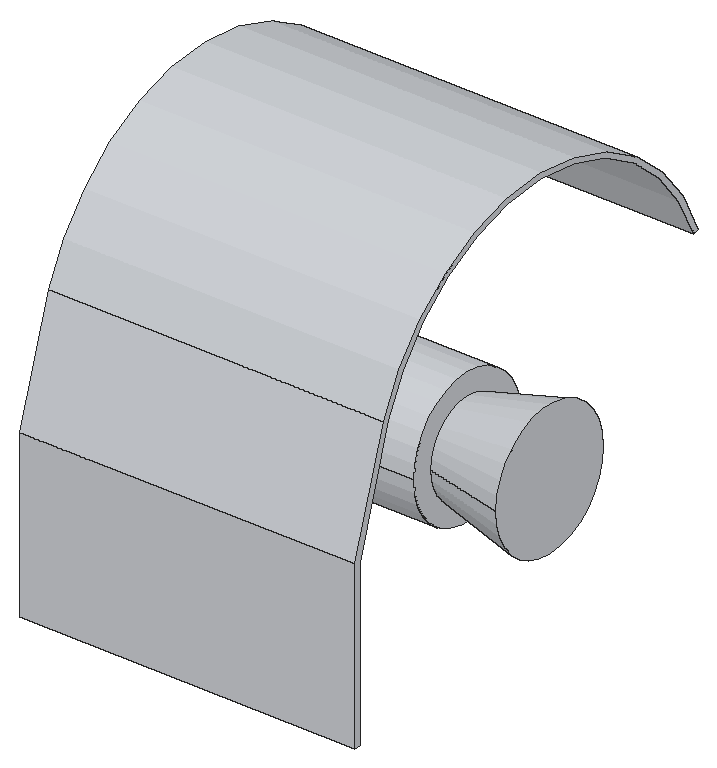
Revit family "АВЛН_Станки", category Мебель, Revit 2019
Family settings
  Номер OmniClass = 23.40.20.00
  Заголовок OmniClass = General Furniture and Specialties
  На основе рабочей плоскости = Нет
  Всегда вертикально = Да
  При загрузке вырезать с полостями = Нет
  Общий = Нет
  Точка расчета площади = Нет
Parameters (values of type "Станок заточный")
  Станок токарно-винторезный = no
  Станок заточной = yes
  Станок горизонтально-фрезерный = no
  Опорная тумба = no
  Описание = "Станок заточный, 370х415х300мм; Э1Ф; 220В;\r\n0,3кВт"
  Type Comments = ""
  Keynote = ""
  Manufacturer = ""
  Группа модели = "Оборудование основных помещений школы"  # constant formula
  ADSK_Размер_Ширина = 415 mm
  ADSK_Размер_Длина = 370 mm
  ADSK_Размер_Высота = 300 mm
  ADSK_Обозначение = "ЗТ"
  ADSK_Масса = 0
  ADSK_Код изделия = ""
  ADSK_Единица измерения = "шт"  # constant formula
Types (4, lengths in mm): name | Станок токарно-винторезный | Станок заточной | Станок горизонтально-фрезерный | Опорная тумба | Описание | ADSK_Размер_Ширина | ADSK_Размер_Длина | ADSK_Размер_Высота | ADSK_Обозначение
  (no name) | no | yes | no | no | "Станок заточный, 370х415х300мм; Э1Ф; 220В;\r\n0,3кВт" | 415 | 370 | 300 | "ЗТ"
  Станок токарно-винторезный | yes | no | no | yes | "Станок токарно-винторезный, 1350х620х680мм; на\r\nподставке, h=800мм; Э3Ф; 380В; 0,75кВт" | 620 | 1350 | 680 | "ТВ-9"
  Станок горизонтально-фрезерный | no | no | yes | yes | "Станок горизонтально-фрезерный, 685х640х925мм;\r\nна подставке, h=800мм; э3ф; 380в; 0,75квт" | 620 | 680 | 680 | "НГФ-110-Ш4"
  Станок заточный | no | yes | no | no | "Станок заточный, 370х415х300мм; Э1Ф; 220В;\r\n0,3кВт" | 415 | 370 | 300 | "ЗТ"
Reference planes
  plane 1 "По центру (Вперед/Назад)": y = 0
  plane 2: z = 0
  plane 3 "По центру (Влево/Вправо)": x = 0
  plane 4: z = 300
  plane 5: y = 207.5
  plane 6: x = 185
  plane 7: x = -185
  plane 8: y = -207.5
Forms (mm)
  Extrusion 1, solid, visible <- "Опорная тумба"
    sketch origin (0, -518.993, 592.976) x (-1, 0, 0) y (0, -1, 0)
      loop
        line (-185, -726.493) -> (185, -726.493) -> (185, -311.493) -> (-185, -311.493) -> (-185, -726.493)
    from -592.976 to -192.976
  Extrusion 2, solid, visible <- "Станок токарно-винторезный"
    sketch origin (0, -518.993, 592.976) x (-1, 0, 0) y (0, -1, 0)
      loop
        line (375, -828.993) -> (675, -828.993) -> (675, -208.993) -> (375, -208.993) -> (375, -828.993)
    from -192.976 to 87.024
  Extrusion 3, solid, visible <- "Станок токарно-винторезный"
    sketch origin (0, -518.993, 592.976) x (-1, 0, 0) y (0, -1, 0)
      loop
        line (-340, -660.186) -> (375, -660.186) -> (375, -377.8) -> (-340, -377.8) -> (-340, -660.186)
    from -192.976 to -152.976
  Extrusion 4, solid, visible <- "Станок токарно-винторезный"
    sketch origin (0, 0, 0) x (0, 1, 0) y (0, 0, 1)
      loop
        circle (0, 510.015) r 70.015
    from -376.661 to 580.203
  SweptBlend 5, solid, visible <- "Станок токарно-винторезный"
    path origin (0, -518.993, 479.999) x (-1, 0, 0) y (0, -1, 0)
      loop
        line (-259.151, -713.146) -> (-302.929, -640.287)
    profile origin (259.151, 194.153, 479.999) x (0.857167, 0.515038, 0) y (0, 0, 1)
      loop
        circle (0, 0) r 15
    end profile origin (302.929, 121.293, 479.999) x (0.857167, 0.515038, 0) y (0, 0, 1)
      loop
        circle (0, 0) r 40
  SweptBlend 6, solid, visible <- "Станок токарно-винторезный"
    path origin (0, -518.978, 510.015) x (-1, 0, 0) y (0, -1, 0)
      loop
        line (-580.203, -518.993) -> (-670.203, -518.993)
    profile origin (580.203, 0.015, 510.015) x (0, 1, 0) y (0, 0, 1)
      loop
        circle (0, 0) r 70
    end profile origin (670.203, 0.015, 510.015) x (0, 1, 0) y (0, 0, 1)
      loop
        circle (0, 0) r 25
  Extrusion 7, solid, visible <- "Станок токарно-винторезный"
    sketch origin (-55.409, 0, -64.318) x (1, 0, 0) y (0, 0, 1)
      loop
        circle (503.173, 529.04) r 45
    from -165.939 to 189.065
  Extrusion 8, solid, visible <- "Станок токарно-винторезный"
    sketch origin (-58.606, 0, -64.318) x (1, 0, 0) y (0, 0, 1)
      loop
        circle (505.471, 529.318) r 65
    from -188.838 to -165.939
  Extrusion 9, solid, visible <- "Станок токарно-винторезный", not visible
    sketch origin (0, -518.993, 592.976) x (-1, 0, 0) y (0, -1, 0)
      loop
        line (375, -828.993) -> (675, -828.993) -> (675, -208.993) -> (375, -208.993) -> (375, -828.993)
    from -192.976 to 87.024
  Extrusion 10, solid, visible <- "Станок токарно-винторезный", not visible
    sketch origin (0, -518.993, 592.976) x (-1, 0, 0) y (0, -1, 0)
      loop
        line (-340, -660.186) -> (375, -660.186) -> (375, -377.8) -> (-340, -377.8) -> (-340, -660.186)
    from -192.976 to -152.976
  Extrusion 11, solid, visible <- "Станок токарно-винторезный", not visible
    sketch origin (0, 0, 0) x (0, 1, 0) y (0, 0, 1)
      loop
        circle (0, 510.015) r 70.015
    from -376.661 to 580.203
  SweptBlend 12, solid, visible <- "Станок токарно-винторезный", not visible
    path origin (0, -518.993, 479.999) x (-1, 0, 0) y (0, -1, 0)
      loop
        line (-259.151, -713.146) -> (-302.929, -640.287)
    profile origin (259.151, 194.153, 479.999) x (0.857167, 0.515038, 0) y (0, 0, 1)
      loop
        circle (0, 0) r 15
    end profile origin (302.929, 121.293, 479.999) x (0.857167, 0.515038, 0) y (0, 0, 1)
      loop
        circle (0, 0) r 40
  SweptBlend 13, solid, visible <- "Станок токарно-винторезный", not visible
    path origin (0, -518.978, 510.015) x (-1, 0, 0) y (0, -1, 0)
      loop
        line (-580.203, -518.993) -> (-670.203, -518.993)
    profile origin (580.203, 0.015, 510.015) x (0, 1, 0) y (0, 0, 1)
      loop
        circle (0, 0) r 70
    end profile origin (670.203, 0.015, 510.015) x (0, 1, 0) y (0, 0, 1)
      loop
        circle (0, 0) r 25
  Extrusion 14, solid, visible <- "Станок токарно-винторезный", not visible
    sketch origin (-55.409, 0, -64.318) x (1, 0, 0) y (0, 0, 1)
      loop
        circle (503.173, 529.04) r 45
    from -165.939 to 189.065
  Extrusion 15, solid, visible <- "Станок токарно-винторезный", not visible
    sketch origin (-58.606, 0, -64.318) x (1, 0, 0) y (0, 0, 1)
      loop
        circle (505.471, 529.318) r 65
    from -188.838 to -165.939
  Extrusion 16, solid, visible <- "Станок горизонтально-фрезерный"
    sketch origin (35, -518.993, 592.976) x (-1, 0, 0) y (0, -1, 0)
      loop
        line (-10.716, -660.186) -> (375, -660.186) -> (375, -377.8) -> (-10.716, -377.8) -> (-10.716, -660.186)
    from -192.976 to -152.976
  Extrusion 17, solid, visible <- "Станок горизонтально-фрезерный"
    sketch origin (35, 0, 0) x (0, 1, 0) y (0, 0, 1)
      loop
        circle (0, 510.015) r 70.015
    from -375 to 215
  SweptBlend 18, solid, visible <- "Станок горизонтально-фрезерный"
    path origin (-325, -518.993, 479.999) x (-1, 0, 0) y (0, -1, 0)
      loop
        line (-259.151, -713.146) -> (-302.929, -640.287)
    profile origin (-65.849, 194.153, 479.999) x (0.857167, 0.515038, 0) y (0, 0, 1)
      loop
        circle (0, 0) r 15
    end profile origin (-22.071, 121.293, 479.999) x (0.857167, 0.515038, 0) y (0, 0, 1)
      loop
        circle (0, 0) r 40
  SweptBlend 19, solid, visible <- "Станок горизонтально-фрезерный"
    path origin (-330.203, -518.978, 510.015) x (-1, 0, 0) y (0, -1, 0)
      loop
        line (-580.203, -518.993) -> (-670.203, -518.993)
    profile origin (250, 0.015, 510.015) x (0, 1, 0) y (0, 0, 1)
      loop
        circle (0, 0) r 70
    end profile origin (340, 0.015, 510.015) x (0, 1, 0) y (0, 0, 1)
      loop
        circle (0, 0) r 25
  Extrusion 20, solid, visible <- "Станок горизонтально-фрезерный"
    sketch origin (-380.409, 0, -64.318) x (1, 0, 0) y (0, 0, 1)
      loop
        circle (503.173, 529.04) r 45
    from -165.939 to 189.065
  Extrusion 21, solid, visible <- "Станок горизонтально-фрезерный"
    sketch origin (-383.606, 0, -64.318) x (1, 0, 0) y (0, 0, 1)
      loop
        circle (505.471, 529.318) r 65
    from -188.838 to -165.939
  Extrusion 22, solid, visible <- "Станок горизонтально-фрезерный", not visible
    sketch origin (1500, -518.993, 592.976) x (-1, 0, 0) y (0, -1, 0)
      loop
        line (-10.716, -660.186) -> (375, -660.186) -> (375, -377.8) -> (-10.716, -377.8) -> (-10.716, -660.186)
    from -192.976 to -152.976
  Extrusion 23, solid, visible <- "Станок горизонтально-фрезерный", not visible
    sketch origin (1500, 0, 0) x (0, 1, 0) y (0, 0, 1)
      loop
        circle (0, 510.015) r 70.015
    from -375 to 215
  SweptBlend 24, solid, visible <- "Станок горизонтально-фрезерный", not visible
    path origin (1140, -518.993, 479.999) x (-1, 0, 0) y (0, -1, 0)
      loop
        line (-259.151, -713.146) -> (-302.929, -640.287)
    profile origin (1399.151, 194.153, 479.999) x (0.857167, 0.515038, 0) y (0, 0, 1)
      loop
        circle (0, 0) r 15
    end profile origin (1442.929, 121.293, 479.999) x (0.857167, 0.515038, 0) y (0, 0, 1)
      loop
        circle (0, 0) r 40
  SweptBlend 25, solid, visible <- "Станок горизонтально-фрезерный", not visible
    path origin (1134.797, -518.978, 510.015) x (-1, 0, 0) y (0, -1, 0)
      loop
        line (-580.203, -518.993) -> (-670.203, -518.993)
    profile origin (1715, 0.015, 510.015) x (0, 1, 0) y (0, 0, 1)
      loop
        circle (0, 0) r 70
    end profile origin (1805, 0.015, 510.015) x (0, 1, 0) y (0, 0, 1)
      loop
        circle (0, 0) r 25
  Extrusion 26, solid, visible <- "Станок горизонтально-фрезерный", not visible
    sketch origin (1084.591, 0, -64.318) x (1, 0, 0) y (0, 0, 1)
      loop
        circle (503.173, 529.04) r 45
    from -165.939 to 189.065
  Extrusion 27, solid, visible <- "Станок горизонтально-фрезерный", not visible
    sketch origin (1081.394, 0, -64.318) x (1, 0, 0) y (0, 0, 1)
      loop
        circle (505.471, 529.318) r 65
    from -188.838 to -165.939
  SweptBlend 28, solid, visible <- "Станок заточной"
    path origin (0, -518.993, 150.476) x (-1, 0, 0) y (0, -1, 0)
      loop
        line (-185, -518.993) -> (-105, -518.993)
    profile origin (185, 0, 150.476) x (0, -1, 0) y (0, 0, 1)
      loop
        circle (0, 0) r 65
    end profile origin (105, 0, 150.476) x (0, -1, 0) y (0, 0, 1)
      loop
        circle (0, 0) r 45
  SweptBlend 29, solid, visible <- "Станок заточной"
    path origin (0, -518.993, 150.476) x (1, 0, 0) y (0, 1, 0)
      loop
        line (-185, 518.993) -> (-105, 518.993)
    profile origin (-185, 0, 150.476) x (0, 1, 0) y (0, 0, 1)
      loop
        circle (0, 0) r 65
    end profile origin (-105, 0, 150.476) x (0, 1, 0) y (0, 0, 1)
      loop
        circle (0, 0) r 45
  Extrusion 30, solid, visible <- "Станок заточной"
    sketch origin (0, -45, 0) x (0, 1, 0) y (0, 0, 1)
      loop
        circle (45, 150.476) r 65
    from -105 to 105
  Sweep 31, solid, visible <- "Станок заточной"
    path origin (0, 0, 0) x (0, 1, 0) y (0, 0, 1)
      loop
        line (-207.5, 0) -> (-207.5, 160)
        arc (-207.5, 160) -> (-191.164, 214.615) -> (-172.5, 268.479) r 1328.714
        arc (-172.5, 268.479) -> (17.5, 400.68) -> (207.5, 268.479) r 202.635
    profile origin (0, -207.5, 80) x (0, -1, 0) y (1, 0, 0)
      loop
        line (0, -162.5) -> (0, 162.5) -> (-5, 162.5) -> (-5, -162.5) -> (0, -162.5)
Lines and regions (mm)
  symbolic lines, visible <- "Станок горизонтально-фрезерный"
    curve 1: line (-22.071, 121.293, 592.976) -> (8.831, 69.863, 592.976)
    curve 6: line (-340, 250, 592.976) -> (-280, 310, 592.976)
    curve 7: line (-340, -250, 592.976) -> (-280, -310, 592.976)
    curve 8: line (340, 250, 592.976) -> (280, 310, 592.976)
    curve 9: line (340, -250, 592.976) -> (280, -310, 592.976)
  symbolic lines, visible <- "Станок токарно-винторезный"
    curve 2: line (-606.427, 310, 592.976) -> (-675, 241.427, 592.976)
    curve 3: line (-675, -237.015, 592.976) -> (-602.015, -310, 592.976)
    curve 4: line (675, -200.283, 592.976) -> (565.283, -310, 592.976)
    curve 5: line (675, 200.283, 592.976) -> (565.283, 310, 592.976)
    curve 19: line (302.929, 121.293, 592.976) -> (333.831, 69.863, 592.976)
  symbolic lines, visible <- "Станок горизонтально-фрезерный", not visible
    curve 10: line (1442.929, 121.293, 592.976) -> (1473.831, 69.863, 592.976)
    curve 11: line (1125, 250, 592.976) -> (1185, 310, 592.976)
    curve 12: line (1125, -250, 592.976) -> (1185, -310, 592.976)
    curve 13: line (1805, 250, 592.976) -> (1745, 310, 592.976)
    curve 14: line (1805, -250, 592.976) -> (1745, -310, 592.976)
  symbolic lines, visible <- "Станок токарно-винторезный", not visible
    curve 15: line (-606.427, 310, 592.976) -> (-675, 241.427, 592.976)
    curve 16: line (-675, -237.015, 592.976) -> (-602.015, -310, 592.976)
    curve 17: line (675, -200.283, 592.976) -> (565.283, -310, 592.976)
    curve 18: line (675, 200.283, 592.976) -> (565.283, 310, 592.976)
    curve 20: line (302.929, 121.293, 592.976) -> (333.831, 69.863, 592.976)
  symbolic lines, visible <- "Станок заточной"
    curve 21: line (-162.5, 172.5, 592.976) -> (162.5, 172.5, 592.976)
    curve 22: line (-162.5, 151.193, 592.976) -> (162.5, 151.193, 592.976)
    curve 23: line (-162.5, 116.193, 592.976) -> (162.5, 116.193, 592.976)
    curve 24: line (-162.5, 91.193, 592.976) -> (162.5, 91.193, 592.976)
    curve 25: line (-162.5, 56.193, 592.976) -> (162.5, 56.193, 592.976)
    curve 26: line (-162.5, 36.915, 592.976) -> (162.5, 36.915, 592.976)
    curve 27: line (-162.5, 10, 592.976) -> (162.5, 10, 592.976)
    curve 28: line (-162.5, -33.083, 592.976) -> (162.5, -33.083, 592.976)
    curve 29: line (-162.5, -83.083, 592.976) -> (162.5, -83.083, 592.976)
    curve 30: line (-162.5, -118.083, 592.976) -> (162.5, -118.083, 592.976)
    curve 31: line (-162.5, -141.193, 592.976) -> (162.5, -141.193, 592.976)
    curve 32: line (-162.5, -172.5, 592.976) -> (162.5, -172.5, 592.976)
Dimensions and locks
  plane 2 to plane 4 = 300 mm
  equal spacing: plane 8, plane 1 "По центру (Вперед/Назад)", plane 5
  equal spacing: plane 7, plane 3 "По центру (Влево/Вправо)", plane 6
  "ADSK_Размер_Длина": plane 7 to plane 6
  "ADSK_Размер_Ширина": plane 5 to plane 8
  "ADSK_Размер_Высота": plane 2 to plane 4
  locked: level to Extrusion 1 at 400
  locked: Extrusion 3 sketch curve to Extrusion 3 sketch curve at 715
  locked: Extrusion 1 to Extrusion 3 at 40
  locked: Extrusion 10 sketch curve to Extrusion 10 sketch curve at 715
  Extrusion 2 to plane 3 "По центру (Влево/Вправо)" to SweptBlend 6 = 675 mm locked, 670.203 mm locked
  Extrusion 16 to plane 3 "По центру (Влево/Вправо)" to SweptBlend 19 = 340 mm locked, 340 mm locked
  locked: level to SweptBlend 28 at 150.476
  locked: level to SweptBlend 29 at 150.476
  diameter of Extrusion 4 sketch curve = 140.03 mm
  diameter of Extrusion 11 sketch curve = 140.03 mm
  diameter of Extrusion 17 sketch curve = 140.03 mm
  diameter of Extrusion 23 sketch curve = 140.03 mm
  aligned and locked: level to plane 2
  aligned and locked: plane 5 to Extrusion 1 sketch curve
  aligned and locked: plane 6 to Extrusion 1 sketch curve
  aligned and locked: Extrusion 1 sketch curve to plane 8
  aligned and locked: Extrusion 1 sketch curve to plane 7
  aligned and locked: Extrusion 1 to level
  aligned and locked: Extrusion 1 to Extrusion 2
  aligned and locked: Extrusion 3 sketch curve to Extrusion 2
  aligned and locked: Extrusion 3 to Extrusion 1
  aligned and locked: Extrusion 10 sketch curve to Extrusion 9
  aligned and locked: Extrusion 17 to SweptBlend 19
  aligned and locked: Extrusion 23 to SweptBlend 25
  aligned and locked: plane 6 to SweptBlend 28
  aligned and locked: SweptBlend 29 to plane 7
  aligned and locked: Extrusion 30 to SweptBlend 29
  aligned and locked: Extrusion 30 to SweptBlend 28
Automatic sketch dimensions
  SweptBlend 5 sketch curve to SweptBlend 5 sketch curve = 43.778 mm
  SweptBlend 5 sketch curve to profile plane = 0 mm  (x4)
  SweptBlend 6 sketch curve to SweptBlend 6 sketch curve = 90 mm
  SweptBlend 6 sketch curve to profile plane = 0 mm  (x4)
  Extrusion 2 sketch curve to Extrusion 2 sketch curve = 300 mm
  Extrusion 2 sketch curve to Extrusion 2 sketch curve = 620 mm
  Extrusion 3 sketch curve to Extrusion 3 sketch curve = 282.386 mm
  SweptBlend 5 sketch curve to SweptBlend 5 sketch curve = 72.859 mm
  SweptBlend 12 sketch curve to SweptBlend 12 sketch curve = 43.778 mm
  SweptBlend 12 sketch curve to profile plane = 0 mm  (x4)
  SweptBlend 13 sketch curve to SweptBlend 13 sketch curve = 90 mm
  SweptBlend 13 sketch curve to profile plane = 0 mm  (x4)
  Extrusion 9 sketch curve to Extrusion 9 sketch curve = 300 mm
  Extrusion 9 sketch curve to Extrusion 9 sketch curve = 620 mm
  Extrusion 10 sketch curve to Extrusion 10 sketch curve = 282.386 mm
  SweptBlend 12 sketch curve to SweptBlend 12 sketch curve = 72.859 mm
  SweptBlend 18 sketch curve to SweptBlend 18 sketch curve = 43.778 mm
  SweptBlend 18 sketch curve to profile plane = 0 mm  (x4)
  SweptBlend 19 sketch curve to SweptBlend 19 sketch curve = 90 mm
  SweptBlend 19 sketch curve to profile plane = 0 mm  (x4)
  Extrusion 16 sketch curve to Extrusion 16 sketch curve = 282.386 mm
  SweptBlend 18 sketch curve to SweptBlend 18 sketch curve = 72.859 mm
  SweptBlend 24 sketch curve to SweptBlend 24 sketch curve = 43.778 mm
  SweptBlend 24 sketch curve to profile plane = 0 mm  (x4)
  SweptBlend 25 sketch curve to SweptBlend 25 sketch curve = 90 mm
  SweptBlend 25 sketch curve to profile plane = 0 mm  (x4)
  Extrusion 22 sketch curve to Extrusion 22 sketch curve = 282.386 mm
  SweptBlend 24 sketch curve to SweptBlend 24 sketch curve = 72.859 mm
  Extrusion 16 sketch curve to Extrusion 16 sketch curve = 385.716 mm
  Extrusion 22 sketch curve to Extrusion 22 sketch curve = 385.716 mm
  curve 8 to curve 8 = 60 mm  (x2)
  curve 8 to curve 1 = 271.169 mm
  curve 1 to curve 1 = 30.902 mm
  curve 8 to curve 1 = 188.707 mm
  curve 1 to curve 1 = 51.43 mm
  curve 1 to curve 6 = 257.929 mm
  curve 6 to curve 6 = 60 mm  (x2)
  curve 6 to curve 1 = 188.707 mm
  curve 1 to curve 7 = 288.831 mm
  curve 7 to curve 7 = 60 mm  (x2)
  curve 1 to curve 7 = 319.863 mm
  curve 9 to curve 1 = 331.169 mm
  curve 9 to curve 9 = 60 mm  (x2)
  curve 1 to curve 9 = 319.863 mm
  curve 13 to curve 13 = 60 mm  (x2)
  curve 13 to curve 10 = 271.169 mm
  curve 10 to curve 10 = 30.902 mm
  curve 13 to curve 10 = 188.707 mm
  curve 10 to curve 10 = 51.43 mm
  curve 10 to curve 11 = 257.929 mm
  curve 11 to curve 11 = 60 mm  (x2)
  curve 11 to curve 10 = 188.707 mm
  curve 10 to curve 12 = 288.831 mm
  curve 12 to curve 12 = 60 mm  (x2)
  curve 10 to curve 12 = 319.863 mm
  curve 14 to curve 10 = 331.169 mm
  curve 14 to curve 14 = 60 mm  (x2)
  curve 10 to curve 14 = 319.863 mm
  curve 4 to curve 5 = 0 mm
  curve 5 to curve 5 = 109.717 mm  (x2)
  curve 4 to curve 4 = 109.717 mm  (x2)
  curve 5 to curve 19 = 231.452 mm
  curve 19 to curve 19 = 30.902 mm
  curve 19 to curve 3 = 904.944 mm
  curve 3 to curve 2 = 4.412 mm
  curve 2 to curve 2 = 68.573 mm  (x2)
  curve 3 to curve 3 = 72.985 mm  (x2)
  curve 2 to curve 5 = 0 mm
  curve 5 to curve 19 = 188.707 mm
  curve 19 to curve 19 = 51.43 mm
  curve 5 to curve 4 = 400.566 mm
  curve 2 to curve 3 = 478.442 mm
  curve 17 to curve 18 = 0 mm
  curve 18 to curve 18 = 109.717 mm  (x2)
  curve 17 to curve 17 = 109.717 mm  (x2)
  curve 18 to curve 20 = 231.452 mm
  curve 20 to curve 20 = 30.902 mm
  curve 20 to curve 16 = 904.944 mm
  curve 16 to curve 15 = 4.412 mm
  curve 15 to curve 15 = 68.573 mm  (x2)
  curve 16 to curve 16 = 72.985 mm  (x2)
  curve 15 to curve 18 = 0 mm
  curve 18 to curve 20 = 188.707 mm
  curve 20 to curve 20 = 51.43 mm
  curve 18 to curve 17 = 400.566 mm
  curve 15 to curve 16 = 478.442 mm
  plane 1 "По центру (Вперед/Назад)" to SweptBlend 28 sketch curve = 0 mm
  SweptBlend 28 sketch curve to plane 6 = 0 mm
  SweptBlend 28 sketch curve to plane 6 = 80 mm
  SweptBlend 28 sketch curve to profile plane = 0 mm  (x4)
  plane 1 "По центру (Вперед/Назад)" to SweptBlend 29 sketch curve = 0 mm
  SweptBlend 29 sketch curve to plane 7 = 0 mm
  plane 7 to SweptBlend 29 sketch curve = 80 mm
  SweptBlend 29 sketch curve to profile plane = 0 mm  (x4)
  Extrusion 30 sketch curve to plane 1 "По центру (Вперед/Назад)" = 0 mm
  plane 4 to Extrusion 30 sketch curve = 149.524 mm
  Sweep 31 sketch curve to plane 8 = 0 mm
  Sweep 31 sketch curve to plane 5 = 0 mm
  Sweep 31 sketch curve to level = 0 mm
  Sweep 31 sketch curve to plane 1 "По центру (Вперед/Назад)" = 17.5 mm
  Sweep 31 sketch curve to level = 193.374 mm
  plane 4 to Sweep 31 sketch curve = 101.956 mm
  plane 8 to Sweep 31 sketch curve = 35 mm
  Sweep 31 sketch curve to Sweep 31 sketch curve = 0 mm
  plane 4 to Sweep 31 sketch curve = 140 mm
  Sweep 31 sketch curve to profile plane = 0 mm
  profile plane to Sweep 31 sketch curve = 5 mm
  Sweep 31 sketch curve to plane 3 "По центру (Влево/Вправо)" = 162.5 mm
  plane 3 "По центру (Влево/Вправо)" to Sweep 31 sketch curve = 162.5 mm
  curve 32 to plane 6 = 22.5 mm
  curve 21 to plane 5 = 35 mm
  curve 21 to plane 6 = 22.5 mm
  curve 30 to plane 6 = 22.5 mm
  curve 22 to curve 21 = 0 mm
  curve 29 to plane 6 = 22.5 mm
  curve 23 to plane 6 = 22.5 mm
  curve 28 to plane 6 = 22.5 mm
  curve 24 to plane 6 = 22.5 mm
  curve 27 to plane 1 "По центру (Вперед/Назад)" = 10 mm
  curve 27 to plane 6 = 22.5 mm
  curve 25 to plane 6 = 22.5 mm
  curve 26 to curve 25 = 0 mm  (x2)
  curve 31 to plane 6 = 22.5 mm
  plane 7 to curve 27 = 22.5 mm
  plane 7 to curve 25 = 22.5 mm
  plane 7 to curve 28 = 22.5 mm
  plane 7 to curve 24 = 22.5 mm
  plane 7 to curve 29 = 22.5 mm
  plane 7 to curve 23 = 22.5 mm
  plane 7 to curve 30 = 22.5 mm
  plane 7 to curve 22 = 22.5 mm
  plane 7 to curve 31 = 22.5 mm
  plane 7 to curve 32 = 22.5 mm
  curve 21 to curve 22 = 0 mm
  curve 21 to curve 22 = 21.307 mm
  curve 22 to curve 23 = 35 mm
  curve 23 to curve 24 = 25 mm
  curve 24 to curve 25 = 35 mm
  curve 25 to curve 26 = 19.278 mm
  plane 1 "По центру (Вперед/Назад)" to curve 28 = 33.083 mm
  curve 28 to curve 29 = 50 mm
  curve 29 to curve 30 = 35 mm
  curve 30 to curve 31 = 23.11 mm
  curve 31 to curve 32 = 31.307 mm
  radius of SweptBlend 5 sketch curve = 15 mm
  radius of SweptBlend 5 sketch curve = 40 mm
  radius of SweptBlend 6 sketch curve = 70 mm
  radius of SweptBlend 6 sketch curve = 25 mm
  radius of Extrusion 7 sketch curve = 45 mm
  radius of Extrusion 8 sketch curve = 65 mm
  radius of SweptBlend 12 sketch curve = 15 mm
  radius of SweptBlend 12 sketch curve = 40 mm
  radius of SweptBlend 13 sketch curve = 70 mm
  radius of SweptBlend 13 sketch curve = 25 mm
  radius of Extrusion 14 sketch curve = 45 mm
  radius of Extrusion 15 sketch curve = 65 mm
  radius of SweptBlend 18 sketch curve = 15 mm
  radius of SweptBlend 18 sketch curve = 40 mm
  radius of SweptBlend 19 sketch curve = 70 mm
  radius of SweptBlend 19 sketch curve = 25 mm
  radius of Extrusion 20 sketch curve = 45 mm
  radius of Extrusion 21 sketch curve = 65 mm
  radius of SweptBlend 24 sketch curve = 15 mm
  radius of SweptBlend 24 sketch curve = 40 mm
  radius of SweptBlend 25 sketch curve = 70 mm
  radius of SweptBlend 25 sketch curve = 25 mm
  radius of Extrusion 26 sketch curve = 45 mm
  radius of Extrusion 27 sketch curve = 65 mm
  radius of SweptBlend 28 sketch curve = 65 mm
  radius of SweptBlend 28 sketch curve = 45 mm
  radius of SweptBlend 29 sketch curve = 65 mm
  radius of SweptBlend 29 sketch curve = 45 mm
  radius of Extrusion 30 sketch curve = 65 mm
